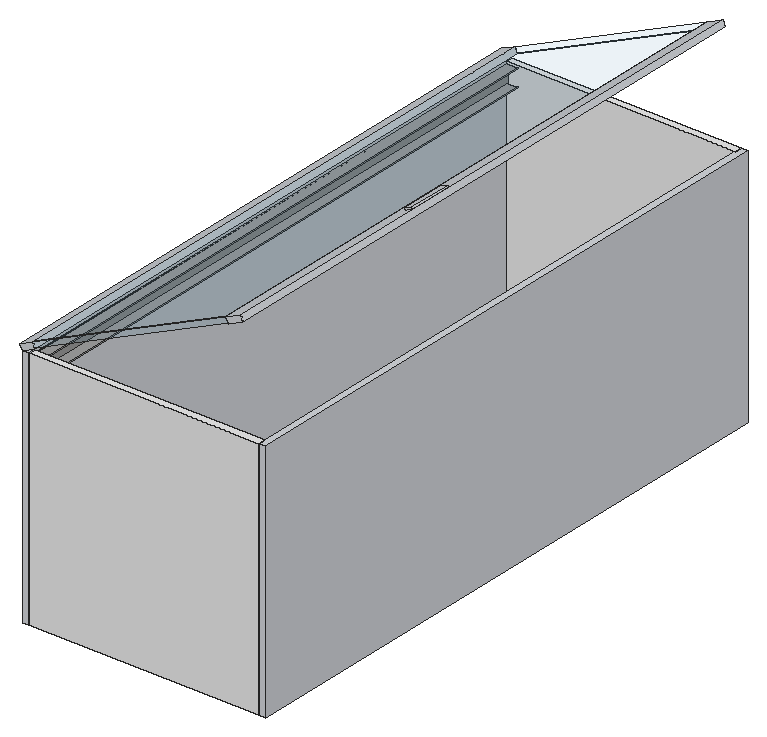
Revit family "Domotics-NetworkCabling-GEWISS-CABINETS_FLOOR-MOUNTED_19_30U_D600", category Apparecchi elettrici, host Superficie, Revit 2019
Family settings
  Host = Superficie
  Mantenere orientamento annotazione = Sì
  Quota connettore circolare = Usa diametro
  Tipo di parte = Normale
  Numero OmniClass = 23.80.30.00
  Titolo OmniClass = Distribution Devices
  Taglio con vuoti quando caricato = No
  Condiviso = No
  Punto di calcolo locali = Sì
Parameters (values of type "GW38452 - FLOOR RACK CABINET 19 30U 600x600MM")
  simbolo in pianta [instance] = yes
  n_poli = 1
  barra din = yes
  Visibilità sportello [instance] = yes
  Version file RFA = "21.2"
  URL = "https://www.gewiss.com/ww/en"
  Type of door = "Reversible"
  Technical sheet = "https://www.gewiss.com/ww/en/search?q=GW38452"
  Static load capacity = "1000KG"
  SEO = "Cabinet"
  Realized by GEWISS S.p.A. = ""
  Prospetto di default = 900 mm
  Produttore = "GEWISS S.p.A."
  Outer dim. LxHxD (mm) = "600x1485x600"
  Nome quadro [instance] = "n.quadro"
  No. uprights = "2"
  Modello = "GW38452"
  Material = "Steel"
  Immagine tipo = C.jpg
  IP degree = "IP20"
  IDT = "39e0a6a38c734b9c98aba4b4c497b8be"
  IDF = "c02ffb6e-b0a0-4f89-afd4-66ad6daed70d"
  Finishing = "Textured"
  Electrocod = "3752"
  Door opening = "135°"
  Distanza_x [instance] = 300 mm
  Distanza simbolo [instance] = 0 mm
  Distanza effettiva x [instance] = 1000 mm - Distanza_x  # 700 mm
  Descrizione = "FLOOR RACK CABINET 19 30U 600x600MM"
  Depth (mm) = "600 mm"
  Colour = "Grey (RAL 7035)"
  Category = "19” floor-standing cabinet"
  Catalogue = "DOMOTICS"
  Cabling unity = "30 U"
  COBie.Tagnumber = ""
  COBie.CreatedOn = ""
  COBie.CreatebBy = ""
  COBie.ComponentRegisterItemID = ""
  COBie.Component.TagNumber = ""
  COBie.Component.Space = ""
  COBie.Component.SerialNumber = ""
  COBie.Component.InstallationDate = ""
  COBie.Component.Description = ""
  COBie.Component.BarCode = ""
  Apertura [instance] = 25.00°
Reference planes
  plane 1 "Centro (Fronte/Retro)": y = 0
  plane 2: z = 0
  plane 3 "Centro (Sinistra/Destra)": x = 0
  plane 4: x = -1380.34
  plane 5: x = -680.34
Forms (mm)
  Extrusion 1, solid, detail levels coarse
    sketch origin (0, 0, 0) x (1, 0, 0) y (0, 1, 0)
      loop
        line (583.5, 0) -> (583.5, 1485) -> (-16.5, 1485) -> (-16.5, 0) -> (583.5, 0)
    from 0 to 600
Dimensions and locks
  plane 4 to plane 3 "Centro (Sinistra/Destra)" = 1380.34 mm
  "Distanza effettiva x": plane 4 to plane 5
  aligned and locked: host face to plane 2
  aligned and locked: host face to level
  aligned and locked: plane 1 "Centro (Fronte/Retro)" to nested 1
  aligned and locked: nested 2 to plane 5
  aligned and locked: Extrusion 1 sketch curve to nested 1  (x4)
  aligned and locked: Extrusion 1 to nested 1
  aligned and locked: plane 3 "Centro (Sinistra/Destra)" to nested 1
Automatic sketch dimensions
  host sketch curve to host sketch curve = 3398.537 mm
  host sketch curve to host sketch curve = 3619.2 mm
Nested families
  nested 1: "DATACENTER ARMADIO PARETE 30U P600mm_base" at (-16.5, 0, 0), Apertura <- "Apertura", Sportello <- "Visibilità sportello", visible <- "Visibilità sportello", Barra din <- "barra din", Sportello visibile <- "Visibilità sportello", type "DATACENTER ARMADIO PARETE 30U P600mm_base", detail levels medium+fine
    with Sportello visibile yes, Sportello yes, Barra din yes, Apertura 25.00°
  nested 2: "DATACENTERsimbolo" at (-680.34, 911.19, 0), Distanza dal muro <- "Distanza simbolo", SIMBOLO ACCESO <- "simbolo in pianta", visible <- "simbolo in pianta", type "3P"
    with SIMBOLO ACCESO yes, Distanza dal muro 0 mm
Connectors
  electrical at (283.5, 742.5, 0), driven by "n_poli"
    settings: on nested 1, index 1, voltage 0 V, apparent load 0 VA, apparent load phase1 0 VA, apparent load phase2 0 VA, apparent load phase3 0 VA, power factor 1, load classification "Altro", number of poles 1, system type 31, power factor state 1, is connector primary yes, connector utility no, sub classification motor no, connector description ""
Definition of nested family "DATACENTER ARMADIO PARETE 30U P600mm_base"
  Parameters (values of type "DATACENTER ARMADIO PARETE 30U P600mm_base")
    Struttura = none
    Sportello_vetro = none
    Sportello visibile [instance] = yes
    Sportello lato = none
    Sportello [instance] = yes
    Profondità quadro = 600 mm  # constant formula
    L_quadro = 600 mm  # constant formula
    Barra din [instance] = yes
    Altezza quadro = 1485 mm  # constant formula
    Apertura [instance] = 45.00°
  Reference planes
    plane 1 "Centro (Fronte/Retro)": y = 0
    plane 2: z = 0
    plane 3 "Centro (Sinistra/Destra)": x = 0
    plane 4: x = 600
    plane 5: y = 1485
    plane 6: x = 16.5
    plane 7: y = 1468.5
    plane 8: y = 16.5
    plane 9: x = 583.5
    plane 10: z = 600
    plane 11: z = 16.5
    plane 12: x = 46.5
    plane 13: x = 18.5
    plane 14: z = 596
    plane 15: z = 551
    plane 16: z = 594
    plane 17: x = 20.5
    plane 18: z = 553
    plane 19: x = 44.5
    plane 20: z = 18.5
    plane 21: z = 63.5
    plane 22: z = 61.5
    plane 23: z = 20.5
  Forms (mm)
    Extrusion 1, solid, material <- "Struttura"
      sketch origin (0, 0, 0) x (1, 0, 0) y (0, 1, 0)
        loop
          line (16.5, 1468.5) -> (583.5, 1468.5) -> (583.5, 1485) -> (16.5, 1485) -> (16.5, 1468.5)
      from 0 to 600
    Extrusion 2, solid
      sketch origin (0, 0, 0) x (1, 0, 0) y (0, 1, 0)
        loop
          line (16.5, 1468.5) -> (16.5, 16.5) -> (583.5, 16.5) -> (583.5, 1468.5) -> (16.5, 1468.5)
      from 0 to 16.5
    Extrusion 3, solid
      sketch origin (382.272, 0, 982.272) x (-0.707107, 0, -0.707107) y (0, -1, 0)
        loop
          line (-59.386, 0) -> (-59.386, -1485) -> (-20.759, -1485) -> (-20.759, 0) -> (-59.386, 0)
        loop
          line (540.614, -1485) -> (540.614, 0) -> (506.604, 0) -> (506.604, -1485) -> (540.614, -1485)
      from 0 to 15
    Extrusion 4, solid, material <- "Sportello_vetro", visible <- "Sportello visibile"
      sketch origin (382.272, 0, 982.272) x (-0.707107, 0, -0.707107) y (0, -1, 0)
        loop
          line (506.604, 0) -> (-20.759, 0) -> (-20.759, -1485) -> (506.604, -1485) -> (506.604, 0)
      from 0 to 15
    Extrusion 5, solid
      sketch origin (0, 0, 0) x (1, 0, 0) y (0, 1, 0)
        loop
          line (0, 1485) -> (0, 0) -> (16.5, 0) -> (16.5, 1485) -> (0, 1485)
        loop
          line (600, 0) -> (600, 1485) -> (583.5, 1485) -> (583.5, 0) -> (600, 0)
      from 0 to 600
    Extrusion 6, solid, material <- "Struttura"
      sketch origin (0, 400, 0) x (1, 0, 0) y (0, 1, 0)
        loop
          line (16.5, -383.5) -> (16.5, -400) -> (583.5, -400) -> (583.5, -383.5) -> (16.5, -383.5)
      from 0 to 600
    Extrusion 7, solid
      sketch origin (382.272, 0, 982.272) x (-0.707107, 0, -0.707107) y (0, -1, 0)
        loop
          line (-33.539, -647.5) -> (-33.539, -537.5) -> (-52.092, -537.5) -> (-52.092, -647.5) -> (-33.539, -647.5)
      from 2.698 to 17.686
    Extrusion 8, solid, visible <- "Barra din"
      sketch origin (0, 0, 0) x (1, 0, 0) y (0, 0, 1)
        loop
          line (46.5, 596) -> (18.5, 596) -> (18.5, 551) -> (46.5, 551) -> (46.5, 553) -> (20.5, 553) -> (20.5, 594) -> (46.5, 594) -> (46.5, 596)
      from -1468.5 to -16.5
    Extrusion 9, solid, visible <- "Barra din"
      sketch origin (0, 0, 600) x (1, 0, 0) y (0, 0, 1)
        loop
          line (46.5, -581.5) -> (46.5, -579.5) -> (20.5, -579.5) -> (20.5, -538.5) -> (46.5, -538.5) -> (46.5, -536.5) -> (18.5, -536.5) -> (18.5, -581.5) -> (46.5, -581.5)
      from -1468.5 to -16.5
  Lines and regions (mm)
    reference lines
      curve 1: line (382.272, 0, 982.272) -> (0, 0, 600)
  Dimensions and locks
    "L_quadro": plane 3 "Centro (Sinistra/Destra)" to plane 4
    "Altezza quadro": plane 1 "Centro (Fronte/Retro)" to plane 5
    locked: plane 5 to plane 7 at 16.5
    locked: plane 9 to plane 4 at 16.5
    locked: plane 3 "Centro (Sinistra/Destra)" to plane 6 at 16.5
    locked: plane 1 "Centro (Fronte/Retro)" to plane 8 at 16.5
    "Profondità quadro": plane 10 to plane 2
    locked: plane 11 to level at 16.5
    locked: plane 6 to plane 12 at 30
    locked: Extrusion 3 sketch curve to Extrusion 3 sketch curve at 38.628
    locked: Extrusion 3 sketch curve to Extrusion 3 sketch curve at 34.009
    "L_quadro": Extrusion 3 sketch curve to Extrusion 3 sketch curve
    "Altezza quadro": Extrusion 3 sketch curve to Extrusion 3 sketch curve  (x2)
    "Altezza quadro": Extrusion 4 sketch curve to Extrusion 4 sketch curve
    Extrusion 7 sketch curve to Extrusion 7 sketch curve = 18.553 mm
    Extrusion 3 to Extrusion 3 = 1485 mm
    locked: plane 13 to plane 6 at 2
    locked: plane 10 to plane 14 at 4
    locked: plane 14 to plane 16 at 2
    locked: plane 18 to plane 15 at 2
    locked: plane 14 to plane 15 at 45
    locked: plane 23 to plane 20 at 2
    "Apertura": angle plane 10 to curve 1
    aligned and locked: level to plane 2
    aligned and locked: Extrusion 1 sketch curve to plane 7
    aligned and locked: Extrusion 1 sketch curve to plane 5
    aligned and locked: Extrusion 1 sketch curve to plane 6
    aligned and locked: plane 9 to Extrusion 1 sketch curve
    aligned and locked: plane 10 to Extrusion 1
    aligned and locked: Extrusion 2 sketch curve to plane 6
    aligned and locked: Extrusion 2 sketch curve to plane 7
    aligned and locked: Extrusion 2 sketch curve to plane 9
    aligned and locked: Extrusion 2 sketch curve to plane 8
    aligned and locked: plane 11 to Extrusion 2
    aligned and locked: curve 1 to Extrusion 1
    aligned and locked: plane 10 to curve 1
    aligned and locked: Extrusion 3 sketch curve to plane 5
    aligned and locked: Extrusion 3 sketch curve to plane 1 "Centro (Fronte/Retro)"
    aligned and locked: Extrusion 4 sketch curve to curve 1
    aligned and locked: Extrusion 4 sketch curve to Extrusion 3  (x2)
    aligned and locked: Extrusion 5 sketch curve to plane 3 "Centro (Sinistra/Destra)"
    aligned and locked: Extrusion 5 sketch curve to plane 6
    aligned and locked: Extrusion 5 sketch curve to plane 4
    aligned and locked: Extrusion 5 sketch curve to plane 9
    aligned and locked: Extrusion 5 sketch curve to plane 5
    aligned and locked: Extrusion 5 sketch curve to plane 1 "Centro (Fronte/Retro)"
    aligned and locked: plane 10 to Extrusion 5
    aligned and locked: plane 8 to Extrusion 6 sketch curve
    aligned and locked: plane 1 "Centro (Fronte/Retro)" to Extrusion 6 sketch curve
    aligned and locked: plane 9 to Extrusion 6 sketch curve
    aligned and locked: plane 6 to Extrusion 6 sketch curve
    aligned and locked: Extrusion 8 sketch curve to plane 14
    aligned and locked: Extrusion 8 sketch curve to plane 13
    aligned and locked: Extrusion 8 sketch curve to plane 15
    aligned and locked: Extrusion 8 sketch curve to plane 18
    aligned and locked: Extrusion 8 sketch curve to plane 17
    aligned and locked: Extrusion 8 sketch curve to plane 12
    aligned and locked: Extrusion 8 sketch curve to plane 16
    aligned and locked: Extrusion 8 to Extrusion 1
    aligned and locked: Extrusion 8 to Extrusion 6
    aligned and locked: plane 21 to Extrusion 9 sketch curve
    aligned and locked: plane 22 to Extrusion 9 sketch curve
    aligned and locked: plane 23 to Extrusion 9 sketch curve
    aligned and locked: plane 20 to Extrusion 9 sketch curve
    aligned and locked: plane 17 to Extrusion 9 sketch curve
    aligned and locked: plane 13 to Extrusion 9 sketch curve
    aligned and locked: Extrusion 2 to Extrusion 9
    aligned and locked: Extrusion 9 to Extrusion 1
    aligned and locked: Extrusion 6 to Extrusion 1
  Automatic sketch dimensions
    plane 1 "Centro (Fronte/Retro)" to Extrusion 5 sketch curve = 0 mm
    Extrusion 5 sketch curve to plane 5 = 0 mm
    Extrusion 7 sketch curve to curve 1 = 52.092 mm
    Extrusion 7 sketch curve to Extrusion 7 sketch curve = 18.553 mm
    Extrusion 7 sketch curve to curve 1 = 647.5 mm
    Extrusion 7 sketch curve to curve 1 = 537.5 mm
    Extrusion 8 sketch curve to plane 12 = 0 mm
    Extrusion 9 sketch curve to plane 12 = 0 mm  (x2)
    curve 1 to plane 3 "Centro (Sinistra/Destra)" = 0 mm
    Extrusion 3 sketch curve to curve 1 = 0 mm
Definition of nested family "DATACENTERsimbolo"
  Parameters (values of type "3P")
    SIMBOLO ACCESO [instance] = yes
    Distanza dal muro [instance] = 0 mm
  Reference planes
    plane 1: y = 0
    plane 2: x = 0
  Dimensions and locks
    "Distanza dal muro": plane 1 to nested 1
    aligned and locked: plane 2 to nested 1
  Nested families
    nested 1: "DATACENTERsimbolo.base" at (0, 0, 0), type "3P"
      with CORNICE SIMBOLO yes
  Definition of nested family "DATACENTERsimbolo.base"
    Parameters (values of type "3P")
      Testo = ""
      CORNICE SIMBOLO [instance] = yes
      3P = yes
    Reference planes
      plane 1: y = 0
      plane 2: x = 0
    Lines and regions (mm)
      detail lines
        curve 1: line (6.852, 3.426, 0) -> (8.859, 3.426, 0)
        curve 2: line (8.859, 3.426, 0) -> (8.859, 0, 0)
        curve 3: line (8.859, 0, 0) -> (6.852, 0, 0)
        curve 4: line (6.852, 0, 0) -> (0, 3.426, 0)
        curve 5: line (0, 3.426, 0) -> (3.027, 3.426, 0)
        curve 6: line (3.027, 3.426, 0) -> (6.852, 3.426, 0)
        curve 7: line (6.852, 3.426, 0) -> (6.852, 0, 0)
        curve 8: line (6.852, 0, 0) -> (0, 0, 0)
        curve 9: line (0, 0, 0) -> (0, 3.426, 0)
        curve 10: line (7.856, 1.713, 0) -> (7.856, 2.67, 0)
        curve 11: line (8.526, 0.756, 0) -> (8.526, 1.713, 0)
        curve 12: line (8.526, 1.713, 0) -> (7.185, 1.713, 0)
        curve 13: line (7.185, 1.713, 0) -> (7.185, 0.756, 0)
    Text (mm)
      label "RJ" at (7.87, 1.29, 0), shows "Testo"
    Nested families
      nested 1: "testo_simb" at (7.89, 1.134, 0), type "3P"
        with SIMBOLO ACCESO yes, Distanza dal muro 0 mm
      nested 2: "testo_simb" at (7.855, 0, 0), type "3P"
        with SIMBOLO ACCESO yes, Distanza dal muro 0 mm
      nested 3: "testo_simb" at (7.855, 0, 0), type "3P"
        with SIMBOLO ACCESO yes, Distanza dal muro 0 mm
      nested 4: "testo_simb" at (7.855, 0, 0), type "3P"
        with SIMBOLO ACCESO yes, Distanza dal muro 0 mm
      nested 5: "testo_simb" at (7.855, 0, 0), type "3P"
        with SIMBOLO ACCESO yes, Distanza dal muro 0 mm
    Definition of nested family "testo_simb"
      Parameters (values of type "3P")
        testo simb = ""
        SIMBOLO ACCESO [instance] = yes
        Distanza dal muro [instance] = 0 mm
      Reference planes
        plane 1: y = 0
        plane 2: x = 0
      Text (mm)
        label "RJ" at (0.02, 0.123, 0), shows "testo simb"
